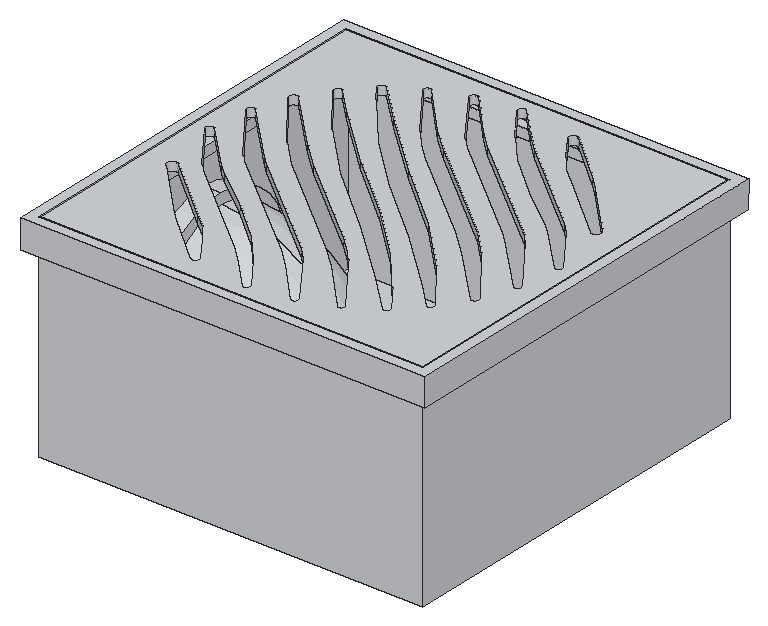
Revit family "Ralo_Quadrado", category Plumbing Fixtures, host Face, Revit 2025
Family settings
  Host = Face
  Round Connector Dimension = Use Radius
  Part Type = Normal
  Enable Cutting in Views = No
  Cut with Voids When Loaded = No
  Maintain Annotation Orientation = No
  Shared = No
  Room Calculation Point = No
Parameters (values of type "Prata c/ grelha alumínio - 100 x 53 x 40")
  Unifilar [instance] = Diâmetro Nominal * 0.4  # 16.00 mm
  URL = "http://www.tigre.com.br"
  UHC [instance] = 2
  Tigre: Sistema = "Esgoto"  # constant formula
  Tigre: Norma = ""
  Tigre: Material = "Prata/Alumínio"
  Tigre: Marcador [instance] = "00"
  Tigre: Link do Produto = "http://www.tigre.com.br/pt/produtos_unico.php?rcr_id=4&cpr_id=10&cpr_id_pai=4&lnh_id=11&prd_id=153"
  Tigre: Linha = "Caixas e Ralos"  # constant formula
  Tigre: Fabricante = "© Tigre S/A"  # constant formula
  Tigre: Descrição = "Ralo Quadrado Montado - Prata c/ grelha alumínio 100 x 53 x 40mm, Esgoto - TIGRE"
  Tigre: Código com Separador [instance] = "27.28.926.6"
  Tigre: Código = 27289266
  Tigre: Comentários [instance] = ""
  Raio Nominal = Diâmetro Nominal / 2  # 20.00 mm
  Prolongador [instance] = none
  Model = ""
  Manufacturer = Tigre: Fabricante  # "© Tigre S/A"
  Grelha = yes
  Description = Tigre: Descrição  # "Ralo Quadrado Montado - Prata c/ grelha alumínio 100 x 53 x 40mm, Esgoto - TIGRE"
  Comprimento do Tubo [instance] = if(Distância do Prolongador > 0.00 mm, Distância do Prolongador, Distância do Prolongador + 1.00 mm)  # 1.00 mm
  Adaptador [instance] = Distância do Prolongador > 0.00 mm  # no
  Grelhas [instance] = none
  Diâmetro Nominal = 40.00 mm
  Default Elevation = 0.00 mm
  Cota L2 = 94.80 mm
  Cota F = 72.40 mm
  Distância do Prolongador [instance] = 0.00 mm
  Cota B = 46.00 mm
  Cota A = 53.00 mm
  Caixas e Ralos [instance] = none
Types (5, lengths in mm): name | Tigre: Material | Tigre: Link do Produto | Tigre: Descrição | Tigre: Código com Separador | Tigre: Código | Grelha | Description
  (no name) | "Prata/Alumínio" | "http://www.tigre.com.br/pt/produtos_unico.php?rcr_id=4&cpr_id=10&cpr_id_pai=4&lnh_id=11&prd_id=153" | "Ralo Quadrado Montado - Prata c/ grelha alumínio 100 x 53 x 40mm, Esgoto - TIGRE" | "27.28.926.6" | 27289266 | yes | "Ralo Quadrado Montado - Prata c/ grelha alumínio 100 x 53 x 40mm, Esgoto - TIGRE"
  Branco c/ grelha branca - 100 x 53 x 40 | "Branco" | "http://www.tigre.com.br/pt/produtos_unico.php?rcr_id=4&cpr_id=10&cpr_id_pai=4&lnh_id=11&prd_id=153" | "Ralo Quadrado Montado - Branco c/ grelha branca 100 x 53 x 40mm, Esgoto - TIGRE" | "27.28.920.7" | 27289207 | yes | "Ralo Quadrado Montado - Branco c/ grelha branca 100 x 53 x 40mm, Esgoto - TIGRE"
  Prata c/ grelha alumínio - 100 x 53 x 40 | "Prata/Alumínio" | "http://www.tigre.com.br/pt/produtos_unico.php?rcr_id=4&cpr_id=10&cpr_id_pai=4&lnh_id=11&prd_id=153" | "Ralo Quadrado Montado - Prata c/ grelha alumínio 100 x 53 x 40mm, Esgoto - TIGRE" | "27.28.926.6" | 27289266 | yes | "Ralo Quadrado Montado - Prata c/ grelha alumínio 100 x 53 x 40mm, Esgoto - TIGRE"
  Corpo Branco - 100 x 53 x 40 | "Branco" | "http://www.tigre.com.br/pt/produtos_unico.php?rcr_id=4&cpr_id=10&cpr_id_pai=4&lnh_id=11&prd_id=135" | "Corpo Ralo Sifonado Quadrado - Branco 100 x 53 x 40mm, Esgoto - TIGRE" | "27.28.923.1" | 27289231 | no | "Corpo Ralo Sifonado Quadrado - Branco 100 x 53 x 40mm, Esgoto - TIGRE"
  Corpo Prata - 100 x 53 x 40 | "Prata" | "http://www.tigre.com.br/pt/produtos_unico.php?rcr_id=4&cpr_id=10&cpr_id_pai=4&lnh_id=11&prd_id=135" | "Corpo Ralo Sifonado Quadrado - Prata 100 x 53 x 40mm, Esgoto - TIGRE" | "27.28.925.8" | 27289258 | no | "Corpo Ralo Sifonado Quadrado - Prata 100 x 53 x 40mm, Esgoto - TIGRE"
Reference planes
  plane 1 "Center (Front/Back)": y = 0
  plane 2: z = 0
  plane 3 "Center (Left/Right)": x = 0
  plane 4: z = -53
  plane 5: z = 0
  plane 6: z = -7
  plane 7: z = -33
  plane 8: z = 0
  plane 9 "Base": z = -4.5
Forms (mm)
  Sweep 1, solid, material <- "Caixas e Ralos", visible <- "Adaptador", detail levels fine
    path origin (-186.542, -4572, 0) x (-1, 0, 0) y (0, -1, 0)
      loop
        line (-139.142, -4619.4) -> (-139.142, -4524.6) -> (-233.942, -4524.6) -> (-233.942, -4619.4) -> (-139.142, -4619.4)
    profile origin (0, 47.4, 0) x (0, 1, 0) y (0, 0, 1)
      loop
        line (2.6, -7) -> (2.6, 0) -> (0, 0) -> (0, -4.5) -> (-2.65, -4.5) -> (-2.65, -7) -> (2.6, -7)
  Sweep 2, solid, material <- "Caixas e Ralos", detail levels fine
    path origin (-51.611, -4572, -7) x (0, -1, 0) y (1, 0, 0)
      loop
        line (-4619.4, 4.211) -> (-4524.6, 4.211) -> (-4524.6, 99.011) -> (-4619.4, 99.011) -> (-4619.4, 4.211)
    profile origin (-47.4, 0, -7) x (1, 0, 0) y (0, 0, 1)
      loop
        line (0, 0) -> (0, -44) -> (2.5, -44) -> (2.5, 0) -> (0, 0)
  Extrusion 3, solid, material <- "Caixas e Ralos", detail levels fine
    sketch origin (-51.611, -4572, -7) x (0, -1, 0) y (-1, 0, 0)
      loop
        line (-4619.4, -4.211) -> (-4619.4, -99.011) -> (-4524.6, -99.011) -> (-4524.6, -4.211) -> (-4619.4, -4.211)
    from 44 to 46
  Sweep 4, solid, material <- "Caixas e Ralos", not visible, detail levels fine
    path origin (0, 0, 0) x (-1, 0, 0) y (0, 0, 1)
      loop
        line (72.719, -33) -> (53.038, -33)
    profile origin (-62.878, 0, -33) x (0, 0, 1) y (0, -1, 0)
      loop
        circle (0, 0) r 20
  Revolve 5, solid, material <- "Caixas e Ralos", detail levels fine
    sketch origin (51.611, -4572, -51) x (0, -1, 0) y (1, 0, 0)
      loop
        circle (-4572, -74.268) r 17.745
      axis (-4572, -92.013) -> (-4571, -92.013)
    angle from 0 to -90
  SweptBlend 6, solid, material <- "Caixas e Ralos", detail levels fine
    path origin (0, 0, 0) x (-1, 0, 0) y (0, 0, 1)
      loop
        line (47.4, -33) -> (40.402, -33)
    profile origin (-47.4, 0, -33) x (0, 0, 1) y (0, -1, 0)
      loop
        circle (0, 0) r 20
    end profile origin (-40.402, 0, -33) x (0, 0, 1) y (0, -1, 0)
      loop
        circle (0, 0) r 20
  Extrusion 7, solid, material <- "Grelhas", visible <- "Grelha", detail levels fine
    sketch origin (0, 0, 0) x (1, 0, 0) y (0, 1, 0)
      loop
        arc (14.438, 41.966) -> (13.062, 41.954) -> (12.906, 40.586) r 1.039
        line (12.906, 40.586) -> (17.095, 34.604)
        arc (17.095, 34.604) -> (20.321, 30.759) -> (24.166, 27.533) r 28.794
        arc (24.166, 27.533) -> (32.094, 21.344) -> (39.338, 14.368) r 96.922
        arc (39.338, 14.368) -> (41.092, 14.309) -> (41.153, 16.063) r 1.241
        line (41.153, 16.063) -> (29.677, 28.368)
        arc (29.677, 28.368) -> (27.904, 30.173) -> (26.038, 31.883) r 48.331
        line (26.038, 31.883) -> (14.438, 41.966)
      loop
        arc (-0.012, 44.041) -> (-1.324, 44.13) -> (-1.499, 42.827) r 0.962
        arc (-1.499, 42.827) -> (1.516, 38.634) -> (4.572, 34.47) r 542.781
        arc (4.572, 34.47) -> (7.391, 30.988) -> (10.499, 27.759) r 52.299
        arc (10.499, 27.759) -> (15.385, 23.325) -> (20.483, 19.136) r 134.146
        line (20.483, 19.136) -> (30.026, 11.68)
        arc (30.026, 11.68) -> (31.483, 10.457) -> (32.852, 9.135) r 27.259
        line (32.852, 9.135) -> (42.594, -0.953)
        arc (42.594, -0.953) -> (43.998, -1.022) -> (44.155, 0.375) r 1.027
        line (44.155, 0.375) -> (35.924, 11.396)
        arc (35.924, 11.396) -> (34.809, 12.722) -> (33.548, 13.911) r 15
        line (33.548, 13.911) -> (10.593, 33.173)
        arc (10.593, 33.173) -> (8.492, 35.048) -> (6.509, 37.048) r 46.107
        line (6.509, 37.048) -> (-0.012, 44.041)
      loop
        arc (-10.653, 42.454) -> (-11.912, 42.536) -> (-12.072, 41.284) r 0.921
        line (-12.072, 41.284) -> (-2.701, 28.387)
        arc (-2.701, 28.387) -> (-1.442, 26.86) -> (-0.007, 25.498) r 16.207
        line (-0.007, 25.498) -> (26.247, 3.468)
        arc (26.247, 3.468) -> (27.193, 2.631) -> (28.095, 1.745) r 24.143
        line (28.095, 1.745) -> (41.147, -11.771)
        arc (41.147, -11.771) -> (42.437, -11.834) -> (42.582, -10.55) r 0.944
        line (42.582, -10.55) -> (32.014, 3.601)
        arc (32.014, 3.601) -> (31.174, 4.599) -> (30.225, 5.494) r 11.29
        line (30.225, 5.494) -> (3.101, 28.254)
        arc (3.101, 28.254) -> (0.811, 30.298) -> (-1.35, 32.477) r 50.253
        line (-1.35, 32.477) -> (-10.653, 42.454)
      loop
        arc (-19.405, 38.964) -> (-20.613, 39.04) -> (-20.754, 37.838) r 0.88
        line (-20.754, 37.838) -> (-11.248, 25.109)
        arc (-11.248, 25.109) -> (-7.619, 20.794) -> (-3.516, 16.926) r 48.8
        line (-3.516, 16.926) -> (18.738, -1.747)
        arc (18.738, -1.747) -> (21.906, -4.55) -> (24.923, -7.515) r 80.789
        line (24.923, -7.515) -> (37.628, -20.671)
        arc (37.628, -20.671) -> (39.1, -20.735) -> (39.241, -19.269) r 1.07
        line (39.241, -19.269) -> (28.547, -5.581)
        arc (28.547, -5.581) -> (25.742, -2.354) -> (22.615, 0.562) r 40.846
        line (22.615, 0.562) -> (-3.025, 22.076)
        arc (-3.025, 22.076) -> (-5.85, 24.598) -> (-8.516, 27.287) r 61.998
        line (-8.516, 27.287) -> (-19.405, 38.964)
      loop
        arc (-26.868, 34.276) -> (-28.17, 34.323) -> (-28.311, 33.028) r 0.956
        line (-28.311, 33.028) -> (-25.788, 29.65)
        arc (-25.788, 29.65) -> (-14.764, 16.427) -> (-2.394, 4.455) r 161.164
        line (-2.394, 4.455) -> (12.613, -8.59)
        arc (12.613, -8.59) -> (20.004, -15.304) -> (27.095, -22.334) r 228.86
        line (27.095, -22.334) -> (32.622, -28.057)
        arc (32.622, -28.057) -> (33.988, -28.116) -> (34.12, -26.755) r 0.994
        line (34.12, -26.755) -> (25.047, -15.143)
        arc (25.047, -15.143) -> (19.327, -8.504) -> (12.997, -2.444) r 91.322
        line (12.997, -2.444) -> (-3.453, 11.856)
        arc (-3.453, 11.856) -> (-10.941, 18.598) -> (-18.189, 25.597) r 288.662
        line (-18.189, 25.597) -> (-26.868, 34.276)
      loop
        arc (-14.438, -41.966) -> (-13.062, -41.954) -> (-12.906, -40.586) r 1.039
        line (-12.906, -40.586) -> (-17.095, -34.604)
        arc (-17.095, -34.604) -> (-20.321, -30.759) -> (-24.166, -27.533) r 28.794
        arc (-24.166, -27.533) -> (-32.094, -21.344) -> (-39.338, -14.368) r 96.922
        arc (-39.338, -14.368) -> (-41.092, -14.309) -> (-41.153, -16.063) r 1.241
        line (-41.153, -16.063) -> (-29.677, -28.368)
        arc (-29.677, -28.368) -> (-27.904, -30.173) -> (-26.038, -31.883) r 48.331
        line (-26.038, -31.883) -> (-14.438, -41.966)
      loop
        arc (0.012, -44.041) -> (1.324, -44.13) -> (1.499, -42.827) r 0.962
        arc (1.499, -42.827) -> (-1.516, -38.634) -> (-4.572, -34.47) r 542.781
        arc (-4.572, -34.47) -> (-7.391, -30.988) -> (-10.499, -27.759) r 52.299
        arc (-10.499, -27.759) -> (-15.385, -23.325) -> (-20.483, -19.136) r 134.146
        line (-20.483, -19.136) -> (-30.026, -11.68)
        arc (-30.026, -11.68) -> (-31.483, -10.457) -> (-32.852, -9.135) r 27.259
        line (-32.852, -9.135) -> (-42.594, 0.953)
        arc (-42.594, 0.953) -> (-43.998, 1.022) -> (-44.155, -0.375) r 1.027
        line (-44.155, -0.375) -> (-35.924, -11.396)
        arc (-35.924, -11.396) -> (-34.809, -12.722) -> (-33.548, -13.911) r 15
        line (-33.548, -13.911) -> (-10.593, -33.173)
        arc (-10.593, -33.173) -> (-8.492, -35.048) -> (-6.509, -37.048) r 46.107
        line (-6.509, -37.048) -> (0.012, -44.041)
      loop
        arc (10.653, -42.454) -> (11.912, -42.536) -> (12.072, -41.284) r 0.921
        line (12.072, -41.284) -> (2.701, -28.387)
        arc (2.701, -28.387) -> (1.442, -26.86) -> (0.007, -25.498) r 16.207
        line (0.007, -25.498) -> (-26.247, -3.468)
        arc (-26.247, -3.468) -> (-27.193, -2.631) -> (-28.095, -1.745) r 24.143
        line (-28.095, -1.745) -> (-41.147, 11.771)
        arc (-41.147, 11.771) -> (-42.437, 11.834) -> (-42.582, 10.55) r 0.944
        line (-42.582, 10.55) -> (-32.014, -3.601)
        arc (-32.014, -3.601) -> (-31.174, -4.599) -> (-30.225, -5.494) r 11.29
        line (-30.225, -5.494) -> (-3.101, -28.254)
        arc (-3.101, -28.254) -> (-0.811, -30.298) -> (1.35, -32.477) r 50.253
        line (1.35, -32.477) -> (10.653, -42.454)
      loop
        arc (19.405, -38.964) -> (20.613, -39.04) -> (20.754, -37.838) r 0.88
        line (20.754, -37.838) -> (11.248, -25.109)
        arc (11.248, -25.109) -> (7.619, -20.794) -> (3.516, -16.926) r 48.8
        line (3.516, -16.926) -> (-18.738, 1.747)
        arc (-18.738, 1.747) -> (-21.906, 4.55) -> (-24.923, 7.515) r 80.789
        line (-24.923, 7.515) -> (-37.628, 20.671)
        arc (-37.628, 20.671) -> (-39.1, 20.735) -> (-39.241, 19.269) r 1.07
        line (-39.241, 19.269) -> (-28.547, 5.581)
        arc (-28.547, 5.581) -> (-25.742, 2.354) -> (-22.615, -0.562) r 40.846
        line (-22.615, -0.562) -> (3.025, -22.076)
        arc (3.025, -22.076) -> (5.85, -24.598) -> (8.516, -27.287) r 61.998
        line (8.516, -27.287) -> (19.405, -38.964)
      loop
        arc (26.868, -34.276) -> (28.17, -34.323) -> (28.311, -33.028) r 0.956
        line (28.311, -33.028) -> (25.788, -29.65)
        arc (25.788, -29.65) -> (14.764, -16.427) -> (2.394, -4.455) r 161.164
        line (2.394, -4.455) -> (-12.613, 8.59)
        arc (-12.613, 8.59) -> (-20.004, 15.304) -> (-27.095, 22.334) r 228.86
        line (-27.095, 22.334) -> (-32.622, 28.057)
        arc (-32.622, 28.057) -> (-33.988, 28.116) -> (-34.12, 26.755) r 0.994
        line (-34.12, 26.755) -> (-25.047, 15.143)
        arc (-25.047, 15.143) -> (-19.327, 8.504) -> (-12.997, 2.444) r 91.322
        line (-12.997, 2.444) -> (3.453, -11.856)
        arc (3.453, -11.856) -> (10.941, -18.598) -> (18.189, -25.597) r 288.662
        line (18.189, -25.597) -> (26.868, -34.276)
      loop
        line (-47.25, 47.25) -> (-47.25, -47.25) -> (47.25, -47.25) -> (47.25, 47.25) -> (-47.25, 47.25)
    from -2 to 0
  Sweep 8, solid, material <- "Caixas e Ralos", detail levels fine
    path origin (-186.542, -4572, 0) x (-1, 0, 0) y (0, -1, 0)
      loop
        line (-139.142, -4619.4) -> (-139.142, -4524.6) -> (-233.942, -4524.6) -> (-233.942, -4619.4) -> (-139.142, -4619.4)
    profile origin (0, 47.4, 0) x (0, 1, 0) y (0, 0, 1)
      loop
        line (2.6, -7) -> (2.6, 0) -> (0, 0) -> (0, -4.5) -> (-2.65, -4.5) -> (-2.65, -7) -> (2.6, -7)
  Sweep 9, solid, material <- "Caixas e Ralos", detail levels fine
    path origin (196.171, -4572, -33) x (0, -1, 0) y (1, 0, 0)
      loop
        line (-4572, -249.208) -> (-4572, -243.421)
    profile origin (-50.144, 0, -33) x (0, 1, 0) y (0, 0, 1)
      loop
        circle (0, 0) r 20
Cuts and joins
  joined: Sweep 2, Extrusion 3, SweptBlend 6
Lines and regions (mm)
  model lines, detail levels coarse+medium
    curve 1: line (-47.4, 47.4, -33) -> (47.4, 47.4, -33)
    curve 2: line (-47.4, -47.4, -33) -> (-47.4, 47.4, -33)
    curve 3: line (47.4, -47.4, -33) -> (-47.4, -47.4, -33)
    curve 4: line (47.4, 47.4, -33) -> (47.4, -47.4, -33)
    curve 5: line (-48.7, 0, -33) -> (-47.4, 0, -33)
    curve 6: line (-48.7, 16, -33) -> (-48.7, -16, -33)
Dimensions and locks
  "Cota A": plane 5 to plane 4
  "Cota B": plane 6 to plane 4
  equal spacing: Sweep 1 sketch curve, plane 3 "Center (Left/Right)", Sweep 1 sketch curve
  "Cota L2": Sweep 1 sketch curve to Sweep 1 sketch curve  (x2)
  equal spacing: Sweep 1 sketch curve, plane 1 "Center (Front/Back)", Sweep 1 sketch curve
  locked: Sweep 1 sketch curve to profile plane at 2.6
  locked: Sweep 1 sketch curve to Sweep 1 sketch curve at 2.65
  locked: plane 6 to Sweep 1 sketch curve at 2.5
  locked: plane 4 to Sweep 2 sketch curve at 2
  locked: Sweep 2 sketch curve to profile plane at 2.5
  locked: plane 7 to plane 4 at 20
  SweptBlend 6 sketch curve to SweptBlend 6 sketch curve = 6.998 mm
  "Unifilar": plane 1 "Center (Front/Back)" to curve 6
  "Unifilar": curve 6 to plane 1 "Center (Front/Back)"
  Sweep 8 sketch curve to Sweep 8 sketch curve = 94.80 mm  (x2)
  "Cota L2": Sweep 8 sketch curve to Sweep 8 sketch curve  (x2)
  locked: Sweep 8 sketch curve to profile plane at 2.6
  locked: Sweep 8 sketch curve to Sweep 8 sketch curve at 2.65
  "Distância do Prolongador": plane 8 to plane 5
  "Raio Nominal": radius of Sweep 4 sketch curve
  aligned and locked: plane 2 to host face
  aligned and locked: level to host face
  aligned and locked: plane 5 to Sweep 1 sketch curve
  aligned and locked: profile plane to Sweep 1 sketch curve
  aligned and locked: plane 6 to Sweep 1 sketch curve
  aligned and locked: Sweep 2 sketch curve to Sweep 1  (x4)
  aligned and locked: profile plane to Sweep 2 sketch curve
  aligned and locked: Sweep 2 sketch curve to plane 6
  aligned and locked: Extrusion 3 sketch curve to Sweep 1  (x4)
  aligned and locked: Extrusion 3 to plane 4
  aligned and locked: Extrusion 3 to Sweep 2
  aligned and locked: SweptBlend 6 sketch curve to plane 7
  aligned and locked: Revolve 5 sketch curve to SweptBlend 6
  aligned and locked: Sweep 1 to curve 1
  aligned and locked: curve 1 to Sweep 1
  aligned and locked: curve 4 to Sweep 1  (x2)
  aligned and locked: plane 1 "Center (Front/Back)" to curve 5
  aligned and locked: profile plane to Sweep 8 sketch curve
Automatic sketch dimensions
  host sketch curve to host sketch curve = 144.80 mm
  host sketch curve to host sketch curve = 129.097 mm
  Sweep 4 sketch curve to plane 1 "Center (Front/Back)" = 0.00 mm
  profile plane to Sweep 4 sketch curve = 0.00 mm
  Revolve 5 sketch curve to Revolve 5 sketch curve = 0.00 mm  (x2)
  Revolve 5 sketch curve to Extrusion 3 = 27.40 mm
  Revolve 5 sketch curve to Revolve 5 sketch curve = 20.00 mm  (x2)
  Revolve 5 sketch curve to Extrusion 3 = 6.998 mm
  Revolve 5 sketch curve to Revolve 5 sketch curve = 17.745 mm
  SweptBlend 6 sketch curve to SweptBlend 6 sketch curve = 0.00 mm  (x4)
  SweptBlend 6 sketch curve to plane 1 "Center (Front/Back)" = 0.00 mm  (x2)
  profile plane to SweptBlend 6 sketch curve = 0.00 mm  (x2)
  SweptBlend 6 sketch curve to SweptBlend 6 sketch curve = 20.00 mm
  Extrusion 7 sketch curve to Extrusion 7 sketch curve = 0.268 mm  (x2)
  Extrusion 7 sketch curve to Extrusion 7 sketch curve = 0.335 mm
  Extrusion 7 sketch curve to Extrusion 7 sketch curve = 0.325 mm  (x2)
  plane 1 "Center (Front/Back)" to Extrusion 7 sketch curve = 0.375 mm
  Extrusion 7 sketch curve to plane 1 "Center (Front/Back)" = 0.24 mm
  Extrusion 7 sketch curve to Extrusion 7 sketch curve = 0.823 mm
  Extrusion 7 sketch curve to plane 1 "Center (Front/Back)" = 0.953 mm
  Extrusion 7 sketch curve to plane 1 "Center (Front/Back)" = 10.55 mm
  Extrusion 7 sketch curve to Extrusion 7 sketch curve = 0.012 mm  (x2)
  Extrusion 7 sketch curve to Extrusion 7 sketch curve = 0.756 mm  (x2)
  Extrusion 7 sketch curve to Extrusion 7 sketch curve = 3.003 mm
  Extrusion 7 sketch curve to Extrusion 7 sketch curve = 0.679 mm  (x2)
  Extrusion 7 sketch curve to Extrusion 7 sketch curve = 6.569 mm
  Extrusion 7 sketch curve to Extrusion 7 sketch curve = 0.908 mm  (x2)
  Extrusion 7 sketch curve to Extrusion 7 sketch curve = 6.36 mm  (x2)
  Extrusion 7 sketch curve to Extrusion 7 sketch curve = 0.906 mm  (x2)
  Extrusion 7 sketch curve to Extrusion 7 sketch curve = 0.00 mm  (x10)
  Extrusion 7 sketch curve to Extrusion 7 sketch curve = 1.906 mm  (x2)
  Extrusion 7 sketch curve to Extrusion 7 sketch curve = 0.843 mm  (x2)
  Extrusion 7 sketch curve to Extrusion 7 sketch curve = 0.77 mm  (x2)
  Extrusion 7 sketch curve to Extrusion 7 sketch curve = 3.403 mm  (x2)
  Extrusion 7 sketch curve to Extrusion 7 sketch curve = 3.414 mm  (x2)
  Extrusion 7 sketch curve to Extrusion 7 sketch curve = 1.424 mm  (x2)
  Extrusion 7 sketch curve to Extrusion 7 sketch curve = 3.509 mm  (x2)
  plane 1 "Center (Front/Back)" to Extrusion 7 sketch curve = 13.911 mm
  Extrusion 7 sketch curve to Extrusion 7 sketch curve = 2.376 mm  (x2)
  Extrusion 7 sketch curve to Extrusion 7 sketch curve = 0.783 mm  (x2)
  Extrusion 7 sketch curve to Extrusion 7 sketch curve = 2.211 mm  (x2)
  plane 1 "Center (Front/Back)" to Extrusion 7 sketch curve = 9.135 mm
  Extrusion 7 sketch curve to Extrusion 7 sketch curve = 3.072 mm
  Extrusion 7 sketch curve to Extrusion 7 sketch curve = 0.715 mm  (x2)
  plane 1 "Center (Front/Back)" to Extrusion 7 sketch curve = 3.601 mm
  Extrusion 7 sketch curve to Extrusion 7 sketch curve = 0.838 mm
  Extrusion 7 sketch curve to Extrusion 7 sketch curve = 9.255 mm  (x2)
  plane 1 "Center (Front/Back)" to Extrusion 7 sketch curve = 5.494 mm
  Extrusion 7 sketch curve to Extrusion 7 sketch curve = 1.789 mm  (x2)
  plane 1 "Center (Front/Back)" to Extrusion 7 sketch curve = 11.68 mm
  Extrusion 7 sketch curve to Extrusion 7 sketch curve = 2.826 mm  (x2)
  Extrusion 7 sketch curve to Extrusion 7 sketch curve = 3.87 mm
  Extrusion 7 sketch curve to Extrusion 7 sketch curve = 3.467 mm
  Extrusion 7 sketch curve to Extrusion 7 sketch curve = 4.311 mm  (x2)
  plane 1 "Center (Front/Back)" to Extrusion 7 sketch curve = 1.745 mm
  Extrusion 7 sketch curve to Extrusion 7 sketch curve = 2.13 mm  (x2)
  Extrusion 7 sketch curve to Extrusion 7 sketch curve = 3.575 mm  (x2)
  Extrusion 7 sketch curve to Extrusion 7 sketch curve = 0.766 mm  (x2)
  Extrusion 7 sketch curve to Extrusion 7 sketch curve = 5.526 mm
  Extrusion 7 sketch curve to Extrusion 7 sketch curve = 0.676 mm  (x2)
  plane 1 "Center (Front/Back)" to Extrusion 7 sketch curve = 3.468 mm
  Extrusion 7 sketch curve to Extrusion 7 sketch curve = 1.848 mm  (x2)
  Extrusion 7 sketch curve to Extrusion 7 sketch curve = 3.639 mm  (x2)
  Extrusion 7 sketch curve to Extrusion 7 sketch curve = 2.523 mm
  Extrusion 7 sketch curve to Extrusion 7 sketch curve = 2.048 mm
  Extrusion 7 sketch curve to plane 1 "Center (Front/Back)" = 7.515 mm
  Extrusion 7 sketch curve to Extrusion 7 sketch curve = 3.624 mm  (x2)
  Extrusion 7 sketch curve to Extrusion 7 sketch curve = 1.872 mm  (x2)
  Extrusion 7 sketch curve to Extrusion 7 sketch curve = 2.341 mm  (x2)
  Extrusion 7 sketch curve to plane 1 "Center (Front/Back)" = 3.154 mm
  plane 1 "Center (Front/Back)" to Extrusion 7 sketch curve = 0.562 mm
  Extrusion 7 sketch curve to Extrusion 7 sketch curve = 1.291 mm  (x2)
  Extrusion 7 sketch curve to Extrusion 7 sketch curve = 6.114 mm
  Extrusion 7 sketch curve to Extrusion 7 sketch curve = 3.683 mm  (x2)
  Extrusion 7 sketch curve to Extrusion 7 sketch curve = 0.705 mm  (x2)
  Extrusion 7 sketch curve to Extrusion 7 sketch curve = 0.644 mm  (x2)
  Extrusion 7 sketch curve to plane 1 "Center (Front/Back)" = 1.747 mm
  Extrusion 7 sketch curve to Extrusion 7 sketch curve = 4.23 mm
  Extrusion 7 sketch curve to Extrusion 7 sketch curve = 7.599 mm  (x2)
  Extrusion 7 sketch curve to Extrusion 7 sketch curve = 8.943 mm
  Extrusion 7 sketch curve to Extrusion 7 sketch curve = 2.656 mm
  Extrusion 7 sketch curve to Extrusion 7 sketch curve = 0.682 mm  (x2)
  Extrusion 7 sketch curve to Extrusion 7 sketch curve = 5.495 mm
  Extrusion 7 sketch curve to plane 1 "Center (Front/Back)" = 2.444 mm
  Extrusion 7 sketch curve to Extrusion 7 sketch curve = 5.741 mm  (x2)
  Extrusion 7 sketch curve to Extrusion 7 sketch curve = 0.851 mm  (x2)
  Extrusion 7 sketch curve to Extrusion 7 sketch curve = 0.63 mm  (x2)
  Extrusion 7 sketch curve to Extrusion 7 sketch curve = 7.333 mm  (x2)
  Extrusion 7 sketch curve to Extrusion 7 sketch curve = 0.745 mm  (x2)
  Extrusion 7 sketch curve to Extrusion 7 sketch curve = 6.941 mm  (x2)
  Extrusion 7 sketch curve to Extrusion 7 sketch curve = 2.516 mm
  Extrusion 7 sketch curve to Extrusion 7 sketch curve = 0.674 mm  (x2)
  Extrusion 7 sketch curve to Extrusion 7 sketch curve = 6.502 mm  (x2)
  Extrusion 7 sketch curve to Extrusion 7 sketch curve = 0.094 mm
  Extrusion 7 sketch curve to Extrusion 7 sketch curve = 2.495 mm  (x2)
  Extrusion 7 sketch curve to Extrusion 7 sketch curve = 2.732 mm  (x2)
  Extrusion 7 sketch curve to Extrusion 7 sketch curve = 3.902 mm  (x2)
  Extrusion 7 sketch curve to plane 3 "Center (Left/Right)" = 5.67 mm
  Extrusion 7 sketch curve to Extrusion 7 sketch curve = 1.938 mm  (x2)
  Extrusion 7 sketch curve to plane 3 "Center (Left/Right)" = 3.64 mm
  Extrusion 7 sketch curve to plane 3 "Center (Left/Right)" = 3.516 mm
  Extrusion 7 sketch curve to plane 3 "Center (Left/Right)" = 3.453 mm
  Extrusion 7 sketch curve to Extrusion 7 sketch curve = 0.539 mm  (x2)
  Extrusion 7 sketch curve to plane 3 "Center (Left/Right)" = 3.025 mm
  Extrusion 7 sketch curve to plane 3 "Center (Left/Right)" = 2.701 mm
  Extrusion 7 sketch curve to plane 3 "Center (Left/Right)" = 2.394 mm
  Extrusion 7 sketch curve to plane 3 "Center (Left/Right)" = 1.499 mm
  Extrusion 7 sketch curve to plane 3 "Center (Left/Right)" = 1.35 mm
  Extrusion 7 sketch curve to plane 3 "Center (Left/Right)" = 0.716 mm
  Extrusion 7 sketch curve to plane 3 "Center (Left/Right)" = 0.012 mm
  Extrusion 7 sketch curve to plane 3 "Center (Left/Right)" = 0.007 mm
  plane 3 "Center (Left/Right)" to Extrusion 7 sketch curve = 0.007 mm
  plane 3 "Center (Left/Right)" to Extrusion 7 sketch curve = 0.012 mm
  plane 3 "Center (Left/Right)" to Extrusion 7 sketch curve = 0.716 mm
  plane 3 "Center (Left/Right)" to Extrusion 7 sketch curve = 1.35 mm
  Extrusion 7 sketch curve to Extrusion 7 sketch curve = 0.784 mm
  plane 3 "Center (Left/Right)" to Extrusion 7 sketch curve = 2.394 mm
  plane 3 "Center (Left/Right)" to Extrusion 7 sketch curve = 2.701 mm
  plane 3 "Center (Left/Right)" to Extrusion 7 sketch curve = 3.025 mm
  plane 3 "Center (Left/Right)" to Extrusion 7 sketch curve = 3.101 mm
  plane 3 "Center (Left/Right)" to Extrusion 7 sketch curve = 3.453 mm
  plane 3 "Center (Left/Right)" to Extrusion 7 sketch curve = 3.516 mm
  Extrusion 7 sketch curve to Extrusion 7 sketch curve = 0.931 mm
  plane 3 "Center (Left/Right)" to Extrusion 7 sketch curve = 5.67 mm
  Extrusion 7 sketch curve to Extrusion 7 sketch curve = 5.815 mm
  Extrusion 7 sketch curve to Extrusion 7 sketch curve = 7.398 mm
  Extrusion 7 sketch curve to Extrusion 7 sketch curve = 0.182 mm
  Extrusion 7 sketch curve to Extrusion 7 sketch curve = 9.153 mm
  Extrusion 7 sketch curve to Extrusion 7 sketch curve = 7.211 mm
  Extrusion 7 sketch curve to Extrusion 7 sketch curve = 1.885 mm
  plane 1 "Center (Front/Back)" to Extrusion 7 sketch curve = 2.444 mm
  Extrusion 7 sketch curve to Extrusion 7 sketch curve = 0.384 mm
  plane 1 "Center (Front/Back)" to Extrusion 7 sketch curve = 1.747 mm
  Extrusion 7 sketch curve to Extrusion 7 sketch curve = 9.983 mm
  Extrusion 7 sketch curve to plane 1 "Center (Front/Back)" = 0.562 mm
  Extrusion 7 sketch curve to Extrusion 7 sketch curve = 3.877 mm
  Extrusion 7 sketch curve to Extrusion 7 sketch curve = 0.353 mm
  Extrusion 7 sketch curve to Extrusion 7 sketch curve = 1.955 mm
  Extrusion 7 sketch curve to Extrusion 7 sketch curve = 0.124 mm
  Extrusion 7 sketch curve to Extrusion 7 sketch curve = 1.081 mm
  Extrusion 7 sketch curve to Extrusion 7 sketch curve = 1.308 mm
  Extrusion 7 sketch curve to Extrusion 7 sketch curve = 13.413 mm  (x2)
  Extrusion 7 sketch curve to plane 1 "Center (Front/Back)" = 11.68 mm
  Extrusion 7 sketch curve to Extrusion 7 sketch curve = 3.779 mm
  Extrusion 7 sketch curve to plane 1 "Center (Front/Back)" = 5.494 mm
  Extrusion 7 sketch curve to Extrusion 7 sketch curve = 5.34 mm
  Extrusion 7 sketch curve to plane 1 "Center (Front/Back)" = 13.911 mm
  Extrusion 7 sketch curve to Extrusion 7 sketch curve = 3.522 mm
  Extrusion 7 sketch curve to plane 1 "Center (Front/Back)" = 11.396 mm
  plane 1 "Center (Front/Back)" to Extrusion 7 sketch curve = 19.269 mm
  plane 1 "Center (Front/Back)" to Extrusion 7 sketch curve = 11.771 mm
  plane 1 "Center (Front/Back)" to Extrusion 7 sketch curve = 0.953 mm
  plane 1 "Center (Front/Back)" to Extrusion 7 sketch curve = 0.24 mm
  Extrusion 7 sketch curve to Extrusion 7 sketch curve = 0.739 mm
  Extrusion 7 sketch curve to plane 1 "Center (Front/Back)" = 0.375 mm
  Extrusion 7 sketch curve to Extrusion 7 sketch curve = 18.94 mm
  Extrusion 7 sketch curve to Extrusion 7 sketch curve = 56.155 mm  (x2)
  Extrusion 7 sketch curve to Extrusion 7 sketch curve = 34.193 mm  (x2)
  Extrusion 7 sketch curve to Extrusion 7 sketch curve = 48.393 mm  (x2)
  Extrusion 7 sketch curve to Extrusion 7 sketch curve = 254.729 mm  (x2)
  Extrusion 7 sketch curve to Extrusion 7 sketch curve = 0.659 mm  (x2)
  Extrusion 7 sketch curve to Extrusion 7 sketch curve = 19.632 mm
  Extrusion 7 sketch curve to Extrusion 7 sketch curve = 1.663 mm
  Extrusion 7 sketch curve to Extrusion 7 sketch curve = 3.032 mm  (x2)
  Extrusion 7 sketch curve to Extrusion 7 sketch curve = 3.421 mm  (x2)
  Extrusion 7 sketch curve to Extrusion 7 sketch curve = 0.488 mm  (x2)
  Extrusion 7 sketch curve to Extrusion 7 sketch curve = 6.083 mm  (x2)
  Extrusion 7 sketch curve to Extrusion 7 sketch curve = 2.178 mm  (x2)
  Extrusion 7 sketch curve to Extrusion 7 sketch curve = 0.612 mm  (x2)
  Extrusion 7 sketch curve to Extrusion 7 sketch curve = 13.622 mm
  Extrusion 7 sketch curve to Extrusion 7 sketch curve = 2.261 mm
  Extrusion 7 sketch curve to Extrusion 7 sketch curve = 2.756 mm
  Extrusion 7 sketch curve to Extrusion 7 sketch curve = 0.836 mm  (x2)
  Extrusion 7 sketch curve to Extrusion 7 sketch curve = 2.889 mm  (x2)
  Extrusion 7 sketch curve to Extrusion 7 sketch curve = 1.593 mm  (x2)
  Extrusion 7 sketch curve to Extrusion 7 sketch curve = 2.475 mm  (x2)
  Extrusion 7 sketch curve to Extrusion 7 sketch curve = 4.35 mm
  Extrusion 7 sketch curve to Extrusion 7 sketch curve = 4.091 mm  (x2)
  Extrusion 7 sketch curve to Extrusion 7 sketch curve = 3.378 mm  (x2)
  Extrusion 7 sketch curve to Extrusion 7 sketch curve = 4.741 mm  (x2)
  Extrusion 7 sketch curve to Extrusion 7 sketch curve = 0.572 mm  (x2)
  Extrusion 7 sketch curve to Extrusion 7 sketch curve = 3.742 mm
  Extrusion 7 sketch curve to Extrusion 7 sketch curve = 1.431 mm
  Extrusion 7 sketch curve to Extrusion 7 sketch curve = 2.577 mm  (x2)
  Extrusion 7 sketch curve to Extrusion 7 sketch curve = 3.561 mm  (x2)
  Extrusion 7 sketch curve to Extrusion 7 sketch curve = 0.527 mm  (x2)
  Extrusion 7 sketch curve to Extrusion 7 sketch curve = 2.673 mm  (x2)
  Extrusion 7 sketch curve to Extrusion 7 sketch curve = 0.596 mm  (x2)
  Extrusion 7 sketch curve to Extrusion 7 sketch curve = 2.32 mm  (x2)
  Extrusion 7 sketch curve to Extrusion 7 sketch curve = 0.541 mm  (x2)
  Extrusion 7 sketch curve to Extrusion 7 sketch curve = 14.222 mm
  Extrusion 7 sketch curve to Extrusion 7 sketch curve = 0.742 mm
  Extrusion 7 sketch curve to Extrusion 7 sketch curve = 2.448 mm
  Extrusion 7 sketch curve to Extrusion 7 sketch curve = 3.114 mm
  Extrusion 7 sketch curve to Extrusion 7 sketch curve = 5.756 mm
  Extrusion 7 sketch curve to Extrusion 7 sketch curve = 1.242 mm
  Extrusion 7 sketch curve to Extrusion 7 sketch curve = 55.227 mm
  Extrusion 7 sketch curve to Extrusion 7 sketch curve = 48.399 mm
  Extrusion 7 sketch curve to Extrusion 7 sketch curve = 6.436 mm
  Extrusion 7 sketch curve to Extrusion 7 sketch curve = 2.515 mm
  Extrusion 7 sketch curve to Extrusion 7 sketch curve = 0.656 mm
  Extrusion 7 sketch curve to Extrusion 7 sketch curve = 1.21 mm  (x2)
  plane 1 "Center (Front/Back)" to Extrusion 7 sketch curve = 4.594 mm
  plane 1 "Center (Front/Back)" to Extrusion 7 sketch curve = 3.154 mm
  Extrusion 7 sketch curve to plane 1 "Center (Front/Back)" = 1.745 mm
  Extrusion 7 sketch curve to plane 1 "Center (Front/Back)" = 4.455 mm
  Extrusion 7 sketch curve to Extrusion 7 sketch curve = 1.934 mm
  Extrusion 7 sketch curve to Extrusion 7 sketch curve = 0.565 mm
  Extrusion 7 sketch curve to Extrusion 7 sketch curve = 7.401 mm
  Extrusion 7 sketch curve to Extrusion 7 sketch curve = 2.972 mm
  Extrusion 7 sketch curve to Extrusion 7 sketch curve = 7.628 mm
  Extrusion 7 sketch curve to Extrusion 7 sketch curve = 5.071 mm
  Extrusion 7 sketch curve to Extrusion 7 sketch curve = 8.397 mm
  Extrusion 7 sketch curve to Extrusion 7 sketch curve = 7.498 mm
  Extrusion 7 sketch curve to Extrusion 7 sketch curve = 5.15 mm
  Extrusion 7 sketch curve to Extrusion 7 sketch curve = 7.191 mm
  Extrusion 7 sketch curve to Extrusion 7 sketch curve = 2.97 mm
  Extrusion 7 sketch curve to Extrusion 7 sketch curve = 3.869 mm
  plane 3 "Center (Left/Right)" to Sweep 8 sketch curve = 47.40 mm
  Sweep 8 sketch curve to plane 1 "Center (Front/Back)" = 47.40 mm
  Sweep 8 sketch curve to profile plane = 0.00 mm
  Sweep 8 sketch curve to profile plane = 4.50 mm
  Sweep 8 sketch curve to Sweep 8 sketch curve = 2.50 mm
  profile plane to SweptBlend 6 sketch curve = 20.00 mm
  plane 3 "Center (Left/Right)" to SweptBlend 6 sketch curve = 40.402 mm
  Extrusion 7 sketch curve to plane 3 "Center (Left/Right)" = 6.509 mm
  curve 6 to curve 5 = 1.30 mm
  Sweep 9 sketch curve to Sweep 9 sketch curve = 0.00 mm  (x2)
  Sweep 9 sketch curve to profile plane = 0.00 mm
  plane 7 to Sweep 9 sketch curve = 0.00 mm
  plane 7 to Sweep 9 sketch curve = 20.00 mm
  plane 1 "Center (Front/Back)" to Sweep 9 sketch curve = 0.00 mm
  Sweep 9 sketch curve to plane 3 "Center (Left/Right)" = 53.038 mm
  Sweep 9 sketch curve to Sweep 9 sketch curve = 5.788 mm
  Sweep 4 sketch curve to plane 7 = 0.00 mm
  plane 3 "Center (Left/Right)" to Sweep 4 sketch curve = 53.038 mm
  Sweep 4 sketch curve to Sweep 4 sketch curve = 19.681 mm
Nested families
  nested 1: "Prolongamento para Caixa Sifonada - Caixas e Ralos - Esgoto - MEP - Tigre" at (0, 0, -4.5), Comprimento do Tubo <- "Comprimento do Tubo", Acabamento <- "Prolongador", Tigre: Comentários <- "Tigre: Comentários", visible <- "Adaptador", type "100 x 100 mm"
    with Tigre: Marcador "00", Tigre: Código com Separador "27.30.748.5", Tigre: Código 27307485, Tigre: Comentários "", Comprimento do Tubo 1.00 mm, Acabamento none
Connectors
  piping at (-53.038, 0, -33), diameter 40, driven by "Raio Nominal"
    settings: on Sweep 4, index 1, connector inside diameter 40.00 mm, connector length 0.00 mm, flow factor 0, pipe flow 0 GPM, pressure drop 0.00 psi, fitting loss kfactor 0, connector angle 0.00°, fixture units 0, engagement length 0.00 mm, angle of deflection 0.00°, flow configuration 0, flow direction 2, fitting loss method 0, system type 16, joint type 0, gender type 0, connector reference index -1, connector utility 1, adjustable connector yes, is connector primary yes, connector description ""
Definition of nested family "Prolongamento para Caixa Sifonada - Caixas e Ralos - Esgoto - MEP - Tigre"
  Parameters
    Unifilar = Diâmetro Nominal * 0.4  # 40.00 mm
    URL = "http://www.tigre.com.br"
    Type Comments = ""
    Tigre: Sistema = "Esgoto"  # constant formula
    Tigre: Norma = ""
    Tigre: Material = "PVC Branco"  # constant formula
    Tigre: Marcador [instance] = "00"
    Tigre: Link do Produto = "http://www.tigre.com.br/pt/produtos_unico.php?rcr_id=4&cpr_id=10&cpr_id_pai=4&lnh_id=11&prd_id=150"
    Tigre: Linha = "Caixas e Ralos"  # constant formula
    Tigre: Fabricante = "© Tigre S/A"  # constant formula
    Tigre: Descrição = "Prolongamento p/ Caixa Sifonada 100 x 100mm, Esgoto - TIGRE"
    Tigre: Código com Separador [instance] = "27.30.748.5"
    Tigre: Código [instance] = 27307485
    Tigre: Comentários [instance] = ""
    Raio Nominal = 50.00 mm
    Raio Externo = 48.40 mm
    Raio Interno = 0.98 * Raio Externo  # 47.432 mm
    Model = ""
    Manufacturer = Tigre: Fabricante  # "© Tigre S/A"
    Diâmetro Nominal = Raio Nominal * 2  # 100.00 mm
    Description = Tigre: Descrição  # "Prolongamento p/ Caixa Sifonada 100 x 100mm, Esgoto - TIGRE"
    Default Elevation = 0.00 mm
    Comprimento do Tubo [instance] = 100.00 mm
    Acabamento [instance] = none
  Reference planes
    plane 1 "Center (Front/Back)": y = 0
    plane 2: z = 0
    plane 3 "Center (Left/Right)": x = 0
    plane 4: z = -100
    plane 5: z = 0
  Forms (mm)
    Sweep 1, solid, material <- "Acabamento", detail levels fine
      path origin (0, 0, 0) x (0, 0, -1) y (0, 1, 0)
        loop
          line (0, 0) -> (100, 0)
      profile origin (0, 0, -50) x (1, 0, 0) y (0, 1, 0)
        loop
          circle (0, 0) r 47.432
        loop
          circle (0, 0) r 48.4
  Dimensions and locks
    "Comprimento do Tubo": plane 5 to plane 4
    "Raio Externo": radius of Sweep 1 sketch curve
    "Raio Interno": radius of Sweep 1 sketch curve
    aligned and locked: plane 1 "Center (Front/Back)" to Sweep 1 sketch curve
    aligned and locked: level to Sweep 1 sketch curve
    aligned and locked: plane 4 to Sweep 1 sketch curve
  Automatic sketch dimensions
    Sweep 1 sketch curve to Sweep 1 sketch curve = 0.00 mm  (x2)
    Sweep 1 sketch curve to profile plane = 0.00 mm  (x2)
